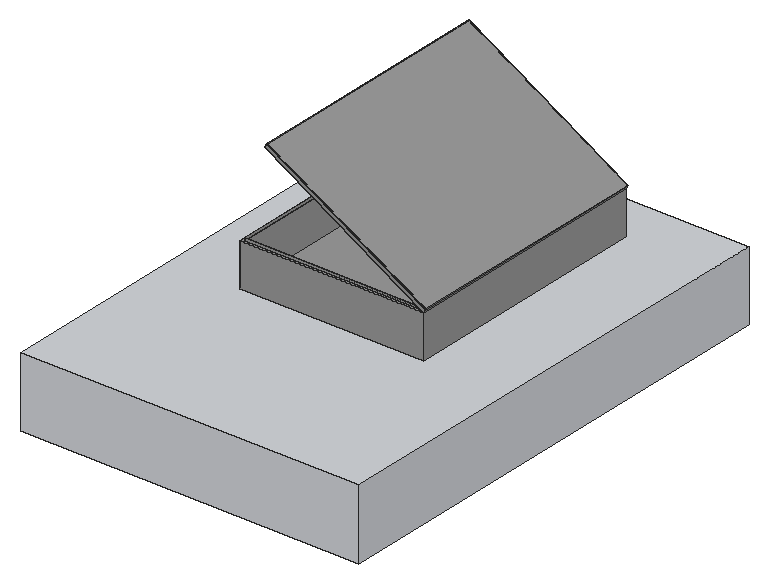
Revit family "Hager-Univers-IP54-D205-H1100-Cl.II-Encl-DE-de", category Equipement électrique, Revit 2020
Family settings
  Hôte = Face
  Configuration du panneau = Deux colonnes, circuits au sein
  Cote de connecteur circulaire = Utiliser le diamètre
  Type d'élément = Tableau de raccordement
  Couper avec des vides une fois chargée = Non
  Partagée = Non
  Point de calcul de pièce = Non
Parameters (values of type "Aufputz IP54 B800 H1100 T205  - FP73SW2")
  Width Control [instance] = if([EF000008 - Breite] > Min Width, [EF000008 - Breite], Min Width)  # 800 mm
  Commentaires du type = [HG000003 - Bereich]  # "Univers"
  Thickness Door [instance] = if([EF009171 - Materialstärke Tür/Deckel] > 3 mm, 3 mm, [EF009171 - Materialstärke Tür/Deckel])  # 1 mm
  Seal Frame Offset [instance] = 17 mm  # constant formula
  Plinth Visibility [instance] = [HG000027 - Sockelhöhe] > 0 mm  # no
  Model = ""
  Min Width [instance] = 100 mm  # constant formula
  Min Height [instance] = 100 mm  # constant formula
  Min Depth [instance] = (2 * [EF009170 - Materialstärke Gehäuse]) + 1 mm  # 3 mm
  Internal Frame Depth [instance] = (Door System Depth * 0.5)  # 9 mm
  Height Control [instance] = if([EF000040 - Höhe] > Min Height, [EF000040 - Höhe], Min Height)  # 1100 mm
  HG000027 - Sockelhöhe = 0 mm
  HG000026 - Stehend auf dem Boden = no
  HG000024 - Höhe des unteren Teils = 800 mm
  HG000023 - Gehäuse mit doppeltem Querschnitt = no
  HG000016 - 3D-Türsichtbarkeit [instance] = yes
  HG000015 - Sichtbarkeit der Türöffnung [instance] = no
  HG000014 - Tür rechts [instance] = yes
  HG000013 - Tür links [instance] = not([HG000014 - Tür rechts])  # no
  HG000012 - Türschwenkwinkel [instance] = 30.00°
  HG000010 - Asymmetrische Türen = no
  HG000009 - Doppelflügeligen Tür = no
  HG000006 - Unterputz = no
  HG000004 - Herstellerreferenz = "FP73SW2"
  HG000003 - Bereich = "Univers"
  HG000002 - Mit tür = yes
  Frame Offset Bottom [instance] = 10 mm  # constant formula
  Frame Offset [instance] = 15 mm  # constant formula
  EF015940 - Deckel mit Überdruckentlastung = no
  EF011959 - Schutzart (NEMA) = ""
  EF009554 - Anzahl der Öffnungen für Flanschplatten = 6
  Fabricant = "Hager"  # constant formula
  EF009212 - Ausführung Deckel = "EV000116 - geschlossen"
  EF009171 - Materialstärke Tür/Deckel = 1 mm
  EF009170 - Materialstärke Gehäuse = 1 mm
  EF008873 - Nennstrom (In) = 250 A
  EF007800 - Geeignet für Blitzschutz = no
  EF006306 - Mit Schloss = no
  EF006244 - Transparenter Deckel/Tür = no
  EF005474 - Schutzart (IP) = "EV006419 - IP54"
  EF004464 - Art der Tür = "EV002646 - Einzel"
  EF004427 - Anzahl der Module = 252
  EF004293 - Schlagfestigkeit = "EV006815 - IK09"
  EF003532 - Geeignet für Außengebrauch = no
  EF002950 - Breite in Teilungseinheiten = 36
  EF001613 - Funktionserhalt = "EV000494 - ohne"
  EF001596 - Werkstoff des Gehäuses = "EV000179 - Stahl"
  EF001131 - Innentiefe = 130 mm
  EF001088 - Anbaumöglichkeit = yes
  EF000437 - Anzahl der Leitungseinführungen = 6
  EF000339 - Art der Abdeckung = "EV004216 - Tür"
  EF000266 - Anzahl der Reihen = 7
  EF000218 - Einbautiefe = 205 mm
  EF000118 - Mit Montageplatte = no
  EF000116 - RAL-Nummer = "9010"
  EF000049 - Tiefe = 205 mm
  EF000040 - Höhe = 1100 mm
  EF000008 - Breite = 800 mm
  EF000007 - Farbe = "EV000202 - weiß"
  EF000003 - Montageart = "EV000384 - Aufputz"
  Door System Leaf Tolerance [instance] = 1.5 mm  # constant formula
  Door System Depth [instance] = 18 mm  # constant formula
  Door Height [instance] = Height Control - [HG000027 - Sockelhöhe]  # 1100 mm
  Depth Control [instance] = if([EF000049 - Tiefe] > Min Depth, [EF000049 - Tiefe], Min Depth)  # 205 mm
  Default Elevation = 0 mm
  Connector Offset [instance] = Height Control / 2  # 550 mm
  Bottom Top Plate Trim [instance] = 1.5 mm  # constant formula
  Plinth height Ctrl [instance] = if([HG000027 - Sockelhöhe] > 0 mm, [HG000027 - Sockelhöhe], 12 mm)  # 12 mm
Types (5, lengths in mm): name | Width Control | HG000010 - Asymmetrische Türen | HG000009 - Doppelflügeligen Tür | HG000004 - Herstellerreferenz | EF009554 - Anzahl der Öffnungen für Flanschplatten | EF004464 - Art der Tür | EF004427 - Anzahl der Module | EF002950 - Breite in Teilungseinheiten | EF000437 - Anzahl der Leitungseinführungen | EF000008 - Breite
  Aufputz IP54 B1050 H1100 T205  - FP74SW2 | 1050 | no | yes | "FP74SW2" | 8 | "EV003602 - Doppel" | 336 | 48 | 8 | 1050
  Aufputz IP54 B1300 H1100 T205  - FP75SW2 | 1300 | yes | yes | "FP75SW2" | 10 | "EV003602 - Doppel" | 420 | 60 | 10 | 1300
  Aufputz IP54 B300 H1100 T205  - FP71SW2 | 300 | no | no | "FP71SW2" | 2 | "EV002646 - Einzel" | 84 | 12 | 2 | 300
  Aufputz IP54 B550 H1100 T205  - FP72SW2 | 550 | no | no | "FP72SW2" | 4 | "EV002646 - Einzel" | 168 | 24 | 4 | 550
  Aufputz IP54 B800 H1100 T205  - FP73SW2 | 800 | no | no | "FP73SW2" | 6 | "EV002646 - Einzel" | 252 | 36 | 6 | 800
Reference planes
  plane 1 "Center (Front/Back)": y = 0
  plane 2: z = 0
  plane 3 "Center (Left/Right)": x = 0
  plane 4: z = 205
  plane 5: y = 1
  plane 6: y = 550
  plane 7: y = 0
  plane 8: y = 1100
  plane 9: z = 0
  plane 10: x = -385
  plane 11: x = 385
  plane 12: x = 384
  plane 13: x = -384
  plane 14: y = 1099
  plane 15: x = -383
  plane 16: x = -400
  plane 17: x = 383
  plane 18: x = 400
  plane 19: x = 399
  plane 20: x = -399
  plane 21: y = 11
  plane 22: y = 1100
  plane 23: y = 1084
  plane 24: z = 187
  plane 25: z = 1
  plane 26: z = 186
  plane 27: z = 204
Forms (mm)
  Extrusion 1, solid
    sketch origin (0, 0, 0) x (1, 0, 0) y (0, 1, 0)
      loop
        line (-702.964, 1305) -> (-702.964, -811.445) -> (766.763, -811.445) -> (766.763, 1305) -> (-702.964, 1305)
    from 0 to -304.8
  Extrusion 2, solid, material "Hager_Steel_RAL7035_Light_Grey", visible <- "Plinth Visibility", detail levels medium+fine
    sketch origin (0, 0, 0) x (1, 0, 0) y (0, 1, 0)
      loop
        line (-400, 0) -> (400, 0) -> (400, 12) -> (-400, 12) -> (-400, 0)
    from 0 to 187
  Extrusion 3, solid, material "Hager_Steel_RAL7035_Light_Grey", detail levels medium+fine
    sketch origin (0, 0, 0) x (1, 0, 0) y (0, 1, 0)
      loop
        line (-400, 0) -> (400, 0) -> (400, 1100) -> (-400, 1100) -> (-400, 0)
    from 0 to 187
  Extrusion 4, void
    sketch origin (0, 0, 0) x (1, 0, 0) y (0, 1, 0)
      loop
        line (-399, 1) -> (399, 1) -> (399, 1099) -> (-399, 1099) -> (-399, 1)
    from 1 to 186
  Extrusion 5, void
    sketch origin (-381.607, -4572, 187) x (0, -1, 0) y (-1, 0, 0)
      loop
        line (-4583, 2.393) -> (-5656, 2.393) -> (-5656, -765.607) -> (-4583, -765.607) -> (-4583, 2.393)
    from 0 to 1 <- "EF009170 - Materialstärke Gehäuse"
  Extrusion 6, solid, material "Hager_Steel_RAL7035_Light_Grey", detail levels fine
    sketch origin (0, 0, 187) x (1, 0, 0) y (0, 1, 0)
      loop
        line (-384, 1084) -> (-384, 11) -> (384, 11) -> (384, 1084) -> (-384, 1084)
      loop
        line (-385, 10) -> (385, 10) -> (385, 1085) -> (-385, 1085) -> (-385, 10)
    from 0 to 9 <- "Internal Frame Depth"
  Extrusion 7, solid, material "Hager_Steel_RAL7035_Light_Grey", detail levels coarse
    sketch origin (0, 0, 0) x (1, 0, 0) y (0, 1, 0)
      loop
        line (-400, 0) -> (400, 0) -> (400, 1100) -> (-400, 1100) -> (-400, 0)
    from 0 to 205
  Sweep 8, void
    path in 3D
      loop
        line (-400, 12, 0) -> (400, 12, 0) -> (400, 12, 187) -> (-400, 12, 187) -> (-400, 12, 0)
    profile origin (-400, 12, 93.5) x (-1, 0, 0) y (0, -1, 0)
      loop
        line (0, 0) -> (0, 1.5) -> (-1.5, 1.5)
        arc (-1.5, 1.5) -> (-1.061, 0.439) -> (0, 0) r 1.5
Cuts and joins
  Extrusion 4, Extrusion 5 cuts Extrusion 3
  Sweep 8 cuts Extrusion 2
Lines and regions (mm)
  Masking region 1
    outline origin (0, 0, 0) x (1, 0, 0) y (0, 0, 1)
      loop
        line (-400, 205) -> (-400, 0) -> (400, 0) -> (400, 205) -> (-400, 205)
  Masking region 2, detail levels medium+fine
    outline origin (0, 140, 0) x (0, 1, 0) y (0, 0, 1)
      loop
        line (-140, 0) -> (960, 0) -> (960, 187) -> (-140, 187) -> (-140, 0)
  Masking region 3, not visible, detail levels medium+fine
    outline origin (0, 297.922, 0) x (0, 1, 0) y (0, 0, 1)
      loop
        line (263.578, 0) -> (303.578, 0) -> (303.578, 194)
        arc (303.578, 194) -> (300.649, 201.071) -> (293.578, 204) r 10
        line (293.578, 204) -> (263.578, 204) -> (263.578, 0)
  Masking region 4, detail levels coarse
    outline origin (0, 0, 180) x (0, 1, 0) y (0, 0, 1)
      loop
        line (0, -180) -> (1100, -180) -> (1100, 25) -> (0, 25) -> (0, -180)
  Masking region 5, visible <- "Plinth Visibility", detail levels medium+fine
    outline origin (0, 52.24, 12.345) x (0, 0, -1) y (0, 1, 0)
      loop
        line (10.845, -40.24) -> (-173.155, -40.24)
        arc (-173.155, -40.24) -> (-173.594, -41.301) -> (-174.655, -41.74) r 1.5
        line (-174.655, -41.74) -> (-174.655, -52.24) -> (12.345, -52.24) -> (12.345, -41.74)
        arc (12.345, -41.74) -> (11.285, -41.301) -> (10.845, -40.24) r 1.5
  Masking region 6, detail levels medium+fine
    outline origin (-381.607, -4572, 187) x (-1, 0, 0) y (0, -1, 0)
      loop
        line (18.393, -5672) -> (18.393, -4572) -> (-781.607, -4572) -> (-781.607, -5672) -> (18.393, -5672)
  Masking region 7, visible <- "Plinth Visibility", detail levels medium+fine
    outline origin (-381.607, -4727, 187) x (-1, 0, 0) y (0, -1, 0)
      loop
        arc (16.893, -4739) -> (17.332, -4737.939) -> (18.393, -4737.5) r 1.5
        line (18.393, -4737.5) -> (18.393, -4727) -> (-781.607, -4727) -> (-781.607, -4737.5)
        arc (-781.607, -4737.5) -> (-780.546, -4737.939) -> (-780.107, -4739) r 1.5
        line (-780.107, -4739) -> (16.893, -4739)
  Masking region 8, detail levels coarse
    outline origin (-442.548, -4669.526, 187) x (-1, 0, 0) y (0, -1, 0)
      loop
        line (-42.548, -5769.526) -> (-42.548, -4669.526) -> (-842.548, -4669.526) -> (-842.548, -5769.526) -> (-42.548, -5769.526)
  sketch lines
    curve 1: line (-400, 12, 187) -> (-400, 12, 0)
    curve 2: line (400, 12, 187) -> (-400, 12, 187)
    curve 3: line (400, 12, 187) -> (400, 12, 0)
    curve 4: line (-400, 12, 0) -> (400, 12, 0)
Dimensions and locks
  "Depth Control": plane 4 to Extrusion 1
  "HG000027 - Sockelhöhe": plane 1 "Center (Front/Back)" to plane 7
  "EF009170 - Materialstärke Gehäuse": plane 5 to plane 7
  locked: connector elem to plane 3 "Center (Left/Right)"
  equal spacing: plane 8, plane 6, plane 7
  locked: connector elem to plane 6
  "EF009170 - Materialstärke Gehäuse": plane 8 to plane 14
  "EF009170 - Materialstärke Gehäuse": plane 10 to plane 13
  "EF009170 - Materialstärke Gehäuse": plane 12 to plane 11
  "Frame Offset": plane 20 to plane 13
  "Frame Offset": plane 12 to plane 19
  "EF009170 - Materialstärke Gehäuse": plane 16 to plane 20
  "EF009170 - Materialstärke Gehäuse": plane 19 to plane 18
  "Seal Frame Offset": plane 16 to plane 15
  "Seal Frame Offset": plane 17 to plane 18
  "Frame Offset Bottom": plane 21 to plane 5
  "Frame Offset": plane 14 to plane 23
  equal spacing: plane 16, plane 3 "Center (Left/Right)", plane 18
  "Width Control": plane 16 to plane 18
  "EF009170 - Materialstärke Gehäuse": plane 4 to plane 27
  "EF009170 - Materialstärke Gehäuse": plane 24 to plane 26
  "EF009170 - Materialstärke Gehäuse": plane 25 to level
  "Door System Depth": plane 4 to plane 24
  "Height Control": plane 1 "Center (Front/Back)" to Extrusion 7 sketch curve
  "Height Control": Masking region 4 sketch curve to plane 1 "Center (Front/Back)"
  "Height Control": plane 1 "Center (Front/Back)" to plane 22
  "Bottom Top Plate Trim": profile plane to Sweep 8 sketch curve
  "Bottom Top Plate Trim": Sweep 8 sketch curve to profile plane
  "Plinth height Ctrl": plane 1 "Center (Front/Back)" to Extrusion 2 sketch curve
  "Plinth height Ctrl": Masking region 5 sketch curve to plane 1 "Center (Front/Back)"
  "Plinth height Ctrl": plane 1 "Center (Front/Back)" to Masking region 7 sketch curve
  "Thickness Door": Extrusion 6 sketch curve to Extrusion 6 sketch curve  (x3)
  "Thickness Door": cut or joined group of Extrusion 3, Extrusion 4, Extrusion 5 to Extrusion 6 sketch curve
  radius of Masking region 3 sketch curve = 10 mm
  "Bottom Top Plate Trim": radius of Masking region 5 sketch curve  (x2)
  "Bottom Top Plate Trim": radius of Sweep 8 sketch curve
  "Bottom Top Plate Trim": radius of Masking region 7 sketch curve  (x2)
  aligned and locked: plane 2 to Extrusion 1
  aligned and locked: level to Extrusion 1
  aligned and locked: level to Masking region 1 sketch curve
  aligned and locked: Masking region 1 sketch curve to plane 18
  aligned and locked: Masking region 1 sketch curve to plane 16
  aligned and locked: plane 7 to Masking region 2 sketch curve
  aligned and locked: level to Masking region 3 sketch curve
  aligned and locked: Masking region 3 sketch curve to plane 27
  aligned and locked: level to Masking region 2 sketch curve
  aligned and locked: plane 1 "Center (Front/Back)" to Extrusion 2 sketch curve
  aligned and locked: Extrusion 3 sketch curve to plane 7
  aligned and locked: plane 16 to Extrusion 3 sketch curve
  aligned and locked: plane 18 to Extrusion 3 sketch curve
  aligned and locked: plane 20 to Extrusion 4 sketch curve
  aligned and locked: plane 19 to Extrusion 4 sketch curve
  aligned and locked: Extrusion 4 sketch curve to plane 5
  aligned and locked: Extrusion 4 to plane 25
  aligned and locked: plane 26 to Extrusion 4
  aligned and locked: plane 24 to Extrusion 3
  aligned and locked: Extrusion 5 sketch curve to plane 21
  aligned and locked: Extrusion 5 sketch curve to plane 13
  aligned and locked: Extrusion 5 sketch curve to plane 12
  aligned and locked: plane 18 to Extrusion 7 sketch curve
  aligned and locked: plane 1 "Center (Front/Back)" to Extrusion 7 sketch curve
  aligned and locked: plane 16 to Extrusion 7 sketch curve
  aligned and locked: plane 4 to Extrusion 7
  aligned and locked: Extrusion 7 to level
  aligned and locked: level to Masking region 4 sketch curve
  aligned and locked: Masking region 4 sketch curve to plane 1 "Center (Front/Back)"
  aligned and locked: Masking region 4 sketch curve to plane 4
  aligned and locked: nested 1 to level
  aligned and locked: nested 1 to plane 16
  aligned and locked: plane 8 to Extrusion 3 sketch curve
  aligned and locked: plane 23 to Extrusion 5 sketch curve
  aligned and locked: plane 14 to Extrusion 4 sketch curve
  aligned and locked: Masking region 2 sketch curve to plane 8
  aligned and locked: level to Masking region 5 sketch curve
  aligned and locked: plane 16 to Extrusion 2 sketch curve
  aligned and locked: plane 18 to Extrusion 2 sketch curve
  aligned and locked: Masking region 5 sketch curve to plane 24
  aligned and locked: Masking region 2 sketch curve to plane 24
  aligned and locked: plane 24 to Extrusion 2
  aligned and locked: profile plane to Sweep 8 sketch curve  (x2)
  aligned and locked: Masking region 6 sketch curve to plane 18
  aligned and locked: Masking region 6 sketch curve to plane 22
  aligned and locked: Masking region 6 sketch curve to plane 16
  aligned and locked: plane 8 to plane 22
  aligned and locked: Masking region 6 sketch curve to plane 7
  aligned and locked: Masking region 7 sketch curve to plane 16
  aligned and locked: Masking region 7 sketch curve to plane 1 "Center (Front/Back)"
  aligned and locked: Masking region 7 sketch curve to plane 18
  aligned and locked: Masking region 8 sketch curve to plane 1 "Center (Front/Back)"
  aligned and locked: Masking region 8 sketch curve to plane 18
  aligned and locked: Masking region 8 sketch curve to plane 22
  aligned and locked: Masking region 8 sketch curve to plane 16
  aligned and locked: nested 2 to plane 7
  aligned and locked: plane 3 "Center (Left/Right)" to nested 2
  aligned and locked: nested 2 to plane 24
  aligned and locked: Extrusion 6 sketch curve to cut or joined group of Extrusion 3, Extrusion 4, Extrusion 5  (x4)
Automatic sketch dimensions
  Extrusion 1 sketch curve to Extrusion 1 sketch curve = 1469.727 mm
  Extrusion 1 sketch curve to Extrusion 1 sketch curve = 2116.445 mm
  Masking region 1 sketch curve to plane 4 = 0 mm
  plane 6 to Masking region 3 sketch curve = 11.5 mm
  Masking region 3 sketch curve to Masking region 3 sketch curve = 30 mm
  Masking region 5 sketch curve to plane 1 "Center (Front/Back)" = 0 mm
Nested families
  nested 1: "Hager_Enclosure_Symbol" at (-400, 0, 0) x (1, 0, 0) z (0, -1, 0), Height <- "Depth Control", Width <- "Width Control", type "Hager_Enclosure_Symbol"
    with Width_Ctrl 800 mm, Width 800 mm, Height_Ctrl 205 mm, Height 205 mm, A_Width_Int 13.453 mm, A_Width 161.438 mm, A_Height_Ctrl 179.375 mm, A_Height 179.375 mm
  nested 2: "EC000058_Univers_Door" at (0, 0, 187) x (1, 0, 0) z (0, 1, 0), Leaf_Tolerance <- "Door System Leaf Tolerance", Angle <- "HG000012 - Türschwenkwinkel", Door_Depth <- "Door System Depth", Door_Left <- "HG000013 - Tür links", Transparent <- "EF006244 - Transparenter Deckel/Tür", Assymetrical <- "HG000010 - Asymmetrische Türen", Width <- "Width Control", Clearance <- "HG000015 - Sichtbarkeit der Türöffnung", Double <- "HG000009 - Doppelflügeligen Tür", 3d_Door <- "HG000016 - 3D-Türsichtbarkeit", Lock_Visibility <- "EF006306 - Mit Schloss", Width_Ctrl <- "Width Control", Door_Right <- "HG000014 - Tür rechts", Door <- "HG000002 - Mit tür", Height <- "Door Height", Thickness <- "Thickness Door", type "EC000058_Univers_Door", detail levels medium+fine
    with min_wh 3 mm, Width_Ctrl 800 mm, Width 800 mm, Transparent no, Thickness 1 mm, Seal_Material Hager_Rubber, Lock_Visibility no, Lock_Material Hager_Plastic_RAL9005_Jet_Black, Leaf_Width 800 mm, Leaf_Tolerance_External_Sides 0 mm, Leaf_Tolerance 1.5 mm, Leaf_Offset 0 mm, Leaf_Height 1097 mm, Leaf_2_Width 800 mm, Leaf_2_Offset 400 mm, Leaf_1_Width 800 mm, Leaf_1_Offset 400 mm, Height_Ctrl 1100 mm, Height 1100 mm, Glass_Material Hager_Glass, Double_Clearance_Ctrl no, Double no, Door_Right_Ctrl yes, Door_Right yes, Door_Material Hager_Steel_RAL7035_Light_Grey, Door_Left_Ctrl no, Door_Left no, Door_Depth 18 mm, Door yes, Clearance_Material Hager_Clearance, Clearance_Depth 800 mm, Clearance_Ctrl no, Clearance no, Assymetrical no, Angle 30.00°, 3d_Door yes
Connectors
  electrical at (0, 550, 0)
    settings: on plane 9, index 1, voltage 0 V, apparent load 0 VA, apparent load phase1 0 VA, apparent load phase2 0 VA, apparent load phase3 0 VA, power factor 1, load classification "Other", number of poles 1, system type 30, power factor state 1, is connector primary yes, connector utility no, sub classification motor no, connector description ""
Definition of nested family "EC000058_Univers_Door"
  Parameters (values of type "EC000058_Univers_Door")
    min_wh [instance] = (2 * Thickness) + 1 mm  # 11 mm
    Width_Ctrl [instance] = 400 mm
    Width [instance] = 500 mm
    Transparent [instance] = yes
    Thickness [instance] = 5 mm
    Seal_Material [instance] = none
    Lock_Visibility [instance] = yes
    Lock_Material [instance] = none
    Leaf_Width [instance] = if((Width_Ctrl - 2 * Leaf_Tolerance_External_Sides) > 0 mm, (Width_Ctrl - 2 * Leaf_Tolerance_External_Sides), min_wh)  # 400 mm
    Leaf_Tolerance_External_Sides [instance] = 0 mm  # constant formula
    Leaf_Tolerance [instance] = 1.5 mm
    Leaf_Offset [instance] = 0 mm  # constant formula
    Leaf_Height [instance] = if((Height_Ctrl - 2 * Leaf_Tolerance) > 0 mm, (Height_Ctrl - 2 * Leaf_Tolerance), min_wh)  # 497 mm
    Leaf_2_Width [instance] = if(and(and(Double, Assymetrical), Door_Left), (Leaf_Width / 3) - (Leaf_Tolerance / 2), if(and(and(Double, Assymetrical), Door_Right), (Leaf_Width / 3) * 2 - (Leaf_Tolerance / 2), if(and(Double, not(Assymetrical)), (Leaf_Width / 2) - Leaf_Tolerance, Leaf_Width)))  # 400 mm
    Leaf_2_Offset [instance] = if(and(Double, Assymetrical), Leaf_2_Width / 2, if(and(Double, not(Assymetrical)), Leaf_Width / 4, Leaf_Width / 2))  # 200 mm
    Leaf_1_Width [instance] = if(and(and(Double, Assymetrical), Door_Right), (Leaf_Width / 3) - (Leaf_Tolerance / 2), if(and(and(Double, Assymetrical), Door_Left), (Width / 3) * 2 - (Leaf_Tolerance / 2), if(and(Double, not(Assymetrical)), (Leaf_Width / 2) - Leaf_Tolerance, Leaf_Width)))  # 400 mm
    Leaf_1_Offset [instance] = if(and(Double, Assymetrical), Leaf_1_Width / 2, if(and(Double, not(Assymetrical)), Leaf_Width / 4, Leaf_Width / 2))  # 200 mm
    Height_Ctrl [instance] = if(Height > min_wh, Height, min_wh)  # 500 mm
    Height [instance] = 500 mm
    Glass_Material [instance] = none
    Double_Clearance_Ctrl [instance] = and(Double, Clearance)  # no
    Double [instance] = no
    Door_Right_Ctrl [instance] = and(or(Door_Right, Double), Door)  # yes
    Door_Right [instance] = yes
    Door_Material [instance] = none
    Door_Left_Ctrl [instance] = and(or(Door_Left, Double), Door)  # no
    Door_Left [instance] = no
    Door_Depth [instance] = 30 mm
    Door [instance] = yes
    Default Elevation = 1219.2 mm
    Clearance_Material [instance] = none
    Clearance_Depth [instance] = if(Leaf_1_Width > Leaf_2_Width, Leaf_1_Width, Leaf_2_Width)  # 400 mm
    Clearance_Ctrl [instance] = and(not(Double), Clearance)  # yes
    Clearance [instance] = yes
    Assymetrical [instance] = yes
    Angle [instance] = 30.00°
    3d_Door [instance] = yes
  Reference planes
    plane 1 "Center (Front/Back)": y = 0
    plane 2 "Bottom": z = 0
    plane 3 "Center (Left/Right)": x = 0
    plane 4: z = 500
    plane 5: x = -200
    plane 6: x = 200
    plane 7: z = 500
    plane 8: x = -200
    plane 9: z = 0
    plane 10: x = 200
    plane 11: y = 0
    plane 12: z = 1.5
    plane 13: x = -600
    plane 14: y = -400
    plane 15: x = 600
    plane 16: x = 0
    plane 17: x = 0
    plane 18: x = -200
    plane 19: x = 200
    plane 20: z = 498.5
  Forms (mm)
    Extrusion 1, solid, material <- "Clearance_Material", visible <- "Double_Clearance_Ctrl"
      sketch origin (1200, 0, 0) x (1, 0, 0) y (0, 0, -1)
        loop
          line (-1800, -498.5) -> (-600, -498.5) -> (-600, 0) -> (-1800, 0) -> (-1800, -498.5)
      from 0 to -400
  Dimensions and locks
    equal spacing: plane 5, plane 3 "Center (Left/Right)", plane 6
    "Width_Ctrl": plane 5 to plane 6
    "Leaf_Offset": plane 5 to plane 8
    "Leaf_Offset": plane 6 to plane 10
    "Leaf_Offset": plane 9 to level
    "Leaf_Offset": plane 4 to plane 7
    "Height_Ctrl": plane 4 to level
    "Leaf_Tolerance": plane 12 to plane 9
    locked: plane 11 to plane 1 "Center (Front/Back)"
    "Leaf_1_Offset": plane 18 to plane 16
    "Leaf_2_Offset": plane 17 to plane 19
    "Leaf_1_Width": plane 13 to plane 8
    "Leaf_2_Width": plane 10 to plane 15
    "Clearance_Depth": plane 14 to plane 1 "Center (Front/Back)"
    "Leaf_Tolerance_External_Sides": plane 8 to plane 18
    "Leaf_Tolerance_External_Sides": plane 19 to plane 10
    "Leaf_Tolerance": plane 7 to plane 20
    aligned and locked: level to plane 2 "Bottom"
    aligned and locked: nested 1 to plane 16
    aligned and locked: nested 2 to plane 17
    aligned and locked: Extrusion 1 to plane 13
    aligned and locked: plane 15 to Extrusion 1
    aligned and locked: Extrusion 1 to plane 14
    aligned and locked: plane 12 to nested 1
    aligned and locked: nested 2 to plane 12
    aligned and locked: Extrusion 1 to plane 11
    aligned and locked: plane 20 to Extrusion 1
    aligned and locked: nested 2 to plane 11
    aligned and locked: nested 1 to plane 11
  Automatic sketch dimensions
    Extrusion 1 sketch curve to level = 0 mm
    plane 5 to Extrusion 1 sketch curve = 400 mm
    plane 6 to Extrusion 1 sketch curve = 400 mm
    Extrusion 1 sketch curve to plane 4 = 1.5 mm
  Nested families
    nested 1: "EC000058_Univers_Door_Leaf" at (0, 0, 1.5), Width <- "Leaf_1_Width", visible <- "Door_Left_Ctrl", Leaf_Height <- "Leaf_Height", Angle <- "Angle", 3d_Door <- "3d_Door", Transparent <- "Transparent", Clearance Material <- "Clearance_Material", Clearance <- "Clearance_Ctrl", Door_Material <- "Door_Material", Glass_Material <- "Glass_Material", Door_Depth <- "Door_Depth", Lock_Material <- "Lock_Material", Seal_Material <- "Seal_Material", Lock_Visibility <- "Lock_Visibility", Thickness <- "Thickness", type "EC000058_Univers_Door_Leaf"
      with Width 400 mm, Transparent_Glass_Offset 30 mm, Transparent_Ctrl yes, Transparent yes, Thickness 5 mm, Standard no, Seal_Material none, Seal_D2 8 mm, Seal_D1 1 mm, Offset_Internal_Frame 10 mm, Lock_Width 20 mm, Lock_Visibility_3d yes, Lock_Visibility yes, Lock_Thickness_3 3 mm, Lock_Thickness_2 1 mm, Lock_Thickness_1 3 mm, Lock_Radius_Offset_2 16 mm, Lock_Radius_Offset_1 15 mm, Lock_Radius_2 5 mm, Lock_Radius 6 mm, Lock_Offset 5 mm, Lock_Material none, Lock_Height 80 mm, Lock_Cover_Top_Offset_2d 17 mm, Lock_Cover_Height -65 mm, Leaf_Height 497 mm, Internal_Seal_Thickness 8 mm, Internal_Seal_Depth_2 4.5 mm, Internal_Frame_Depth 25 mm, Glass_Thickness -1 mm, Glass_Offset -2 mm, Glass_Material none, Door_Material none, Door_Depth 30 mm, Clearance Material none, Clearance yes, Angle_Ctrl 30.00°, Angle 30.00°, 3d_Door yes
    nested 2: "EC000058_Univers_Door_Leaf" at (0, 0, 1.5) x (-1, 0, 0) z (0, 0, 1), Width <- "Leaf_2_Width", visible <- "Door_Right_Ctrl", Leaf_Height <- "Leaf_Height", Angle <- "Angle", 3d_Door <- "3d_Door", Transparent <- "Transparent", Clearance Material <- "Clearance_Material", Clearance <- "Clearance_Ctrl", Door_Material <- "Door_Material", Glass_Material <- "Glass_Material", Door_Depth <- "Door_Depth", Lock_Material <- "Lock_Material", Seal_Material <- "Seal_Material", Lock_Visibility <- "Lock_Visibility", Thickness <- "Thickness", type "EC000058_Univers_Door_Leaf"
      with Width 400 mm, Transparent_Glass_Offset 30 mm, Transparent_Ctrl yes, Transparent yes, Thickness 5 mm, Standard no, Seal_Material none, Seal_D2 8 mm, Seal_D1 1 mm, Offset_Internal_Frame 10 mm, Lock_Width 20 mm, Lock_Visibility_3d yes, Lock_Visibility yes, Lock_Thickness_3 3 mm, Lock_Thickness_2 1 mm, Lock_Thickness_1 3 mm, Lock_Radius_Offset_2 16 mm, Lock_Radius_Offset_1 15 mm, Lock_Radius_2 5 mm, Lock_Radius 6 mm, Lock_Offset 5 mm, Lock_Material none, Lock_Height 80 mm, Lock_Cover_Top_Offset_2d 17 mm, Lock_Cover_Height -65 mm, Leaf_Height 497 mm, Internal_Seal_Thickness 8 mm, Internal_Seal_Depth_2 4.5 mm, Internal_Frame_Depth 25 mm, Glass_Thickness -1 mm, Glass_Offset -2 mm, Glass_Material none, Door_Material none, Door_Depth 30 mm, Clearance Material none, Clearance yes, Angle_Ctrl 30.00°, Angle 30.00°, 3d_Door yes
  Definition of nested family "EC000058_Univers_Door_Leaf"
    Parameters (values of type "EC000058_Univers_Door_Leaf")
      Width [instance] = 2000 mm
      Transparent_Glass_Offset [instance] = 30 mm
      Transparent_Ctrl [instance] = and(Transparent, [3d_Door])  # yes
      Transparent [instance] = yes
      Thickness [instance] = 5 mm
      Standard [instance] = and(not(Transparent), [3d_Door])  # no
      Seal_Material [instance] = none
      Seal_D2 [instance] = 8 mm  # constant formula
      Seal_D1 [instance] = 1 mm  # constant formula
      Offset_Internal_Frame [instance] = 10 mm  # constant formula
      Lock_Width [instance] = 20 mm  # constant formula
      Lock_Visibility_3d [instance] = and(Lock_Visibility, [3d_Door])  # yes
      Lock_Visibility [instance] = yes
      Lock_Thickness_3 [instance] = 3 mm  # constant formula
      Lock_Thickness_2 [instance] = 1 mm  # constant formula
      Lock_Thickness_1 [instance] = 3 mm  # constant formula
      Lock_Radius_Offset_2 [instance] = Lock_Radius_Offset_1 + 1 mm  # 16 mm
      Lock_Radius_Offset_1 [instance] = 15 mm  # constant formula
      Lock_Radius_2 [instance] = Lock_Radius - 1 mm  # 5 mm
      Lock_Radius [instance] = 6 mm  # constant formula
      Lock_Offset [instance] = 5 mm  # constant formula
      Lock_Material [instance] = none
      Lock_Height [instance] = 80 mm  # constant formula
      Lock_Cover_Top_Offset_2d [instance] = Lock_Radius_Offset_2 + 1 mm  # 17 mm
      Lock_Cover_Height [instance] = -(Lock_Height - Lock_Radius_Offset_1)  # -65 mm
      Leaf_Height [instance] = 2720.336 mm
      Internal_Seal_Thickness [instance] = 8 mm  # constant formula
      Internal_Seal_Depth_2 [instance] = 4.5 mm  # constant formula
      Internal_Frame_Depth [instance] = if(Door_Depth - Thickness > 5 mm, Door_Depth - Thickness, 5 mm)  # 25 mm
      Glass_Thickness [instance] = if(Thickness > 15 mm, Glass_Offset + 10 mm, -1 mm)  # -1 mm
      Glass_Offset [instance] = if(Thickness > 15 mm, -(Thickness + 10 mm) / 2, -2 mm)  # -2 mm
      Glass_Material [instance] = none
      Door_Material [instance] = none
      Door_Depth [instance] = 30 mm
      Default Elevation = 0 mm
      Clearance Material [instance] = none
      Clearance [instance] = yes
      Angle_Ctrl [instance] = if(Angle > 180.00°, 180.00°, Angle)  # 90.00°
      Angle [instance] = 90.00°
      3d_Door [instance] = yes
    Reference planes
      plane 1 "Center (Front/Back)": y = 0
      plane 2: z = 0
      plane 3 "Center (Left/Right)": x = 0
      plane 4: y = 2000
      plane 5: x = -1000
      plane 6: x = 1000
      plane 7: x = -3000
      plane 8: z = 2720.336
      plane 9: z = 30
      plane 10: z = 2690.336
      plane 11: x = 970
      plane 12: x = -970
      plane 13: y = -3
      plane 14: z = 107.833
      plane 15: y = -5
      plane 16: y = -223.314
      plane 17: x = -1000
      plane 18: z = 1360.168
      plane 19: y = 30
    Forms (mm)
      Extrusion 1, solid, material <- "Clearance Material", visible <- "Clearance"
        sketch origin (0, 0, 0) x (1, 0, 0) y (0, 0, 1)
          loop
            line (-3000, 2720.336) -> (-3000, 0) -> (1000, 0) -> (1000, 2720.336) -> (-3000, 2720.336)
        from 0 to -2000
      Extrusion 2, solid, material <- "Door_Material", visible <- "Standard", detail levels medium+fine
        sketch origin (-1000, 0, 0) x (0, 1, 0) y (-1, 0, 0)
          loop
            line (0, 30) -> (0, 25) -> (2000, 25) -> (2000, 30) -> (0, 30)
        from 0 to 2720.336 <- "Leaf_Height"
      Extrusion 3, solid, material <- "Door_Material", visible <- "Transparent_Ctrl", detail levels medium+fine
        sketch origin (-1000, 0, 0) x (0, 1, 0) y (-1, 0, 0)
          loop
            line (0, 25) -> (2000, 25) -> (2000, 30) -> (0, 30) -> (0, 25)
        from 0 to 2720.336 <- "Leaf_Height"
      Extrusion 4, void
        sketch origin (-1025, 2000, 0) x (0, 1, 0) y (0, 0, -1)
          loop
            line (-30, -2690.336) -> (-30, -30) -> (-1970, -30) -> (-1970, -2690.336) -> (-30, -2690.336)
        from 0 to 5 <- "Thickness"
      Sweep 5, solid, material <- "Seal_Material", visible <- "Transparent_Ctrl", detail levels fine
        path in 3D
          loop
            line (-1025, 30, 30) -> (-1025, 30, 2690.336) -> (-1025, 1970, 2690.336) -> (-1025, 1970, 30) -> (-1025, 30, 30)
        profile origin (-1025, 1000, 30) x (1, 0, 0) y (0, 0, 1)
          loop
            line (0, 0) -> (0, -8) -> (1, -8) -> (1, 0) -> (0, 0)
      Extrusion 6, solid, material <- "Glass_Material", visible <- "Transparent_Ctrl", detail levels medium+fine
        sketch origin (-1030, 0, 0) x (0, 1, 0) y (0, 0, -1)
          loop
            line (1970, -2690.336) -> (1970, -30) -> (30, -30) -> (30, -2690.336) -> (1970, -2690.336)
        from -2 <- "Glass_Offset" to -1 <- "Glass_Thickness"
      Extrusion 7, solid, material <- "Door_Material", visible <- "3d_Door", detail levels medium+fine
        sketch origin (-1025, 2000, 0) x (0, -1, 0) y (0, 0, -1)
          loop
            line (0, -2720.336) -> (2000, -2720.336) -> (2000, 0) -> (0, 0) -> (0, -2720.336)
          loop
            line (1995, -5) -> (5, -5) -> (5, -2715.336) -> (1995, -2715.336) -> (1995, -5)
        from 0 to 25 <- "Internal_Frame_Depth"
      Sweep 8, solid, material <- "Seal_Material", visible <- "Transparent_Ctrl", detail levels fine
        path in 3D
          loop
            line (-1025, 0, 0) -> (-1025, 2000, 0) -> (-1025, 2000, 2720.336) -> (-1025, 0, 2720.336) -> (-1025, 0, 0)
        profile origin (-1025, 0, 1360.168) x (1, 0, 0) y (0, 1, 0)
          loop
            line (0, 10) -> (2.975, 10)
            arc (2.975, 10) -> (4.053, 10.447) -> (4.5, 11.525) r 1.525
            line (4.5, 11.525) -> (4.5, 16.527)
            arc (4.5, 16.527) -> (4.069, 17.569) -> (3.027, 18) r 1.473
            line (3.027, 18) -> (0, 18) -> (0, 10)
      Extrusion 9, solid, material <- "Lock_Material", visible <- "Lock_Visibility_3d", detail levels fine
        sketch origin (-1030, 0, 0) x (0, 1, 0) y (0, 0, -1)
          loop
            arc (1993.5, -1400.168) -> (1994.561, -1399.729) -> (1995, -1398.668) r 1.5
            line (1995, -1398.668) -> (1995, -1320.168) -> (1975, -1320.168) -> (1975, -1398.668)
            arc (1975, -1398.668) -> (1975.439, -1399.729) -> (1976.5, -1400.168) r 1.5
            line (1976.5, -1400.168) -> (1993.5, -1400.168)
        from 3 <- "Lock_Thickness_1" to 0
      Blend 10, solid, material <- "Lock_Material", visible <- "Lock_Visibility_3d", detail levels fine
        base sketch origin (-1033, 0, 0) x (0, 1, 0) y (0, 0, -1)
          loop
            line (1975, -1320.168) -> (1975, -1398.668)
            arc (1975, -1398.668) -> (1975.439, -1399.729) -> (1976.5, -1400.168) r 1.5
            line (1976.5, -1400.168) -> (1993.5, -1400.168)
            arc (1993.5, -1400.168) -> (1994.561, -1399.729) -> (1995, -1398.668) r 1.5
            line (1995, -1398.668) -> (1995, -1320.168) -> (1975, -1320.168)
        top sketch origin (-1033, 0, 0) x (0, 1, 0) y (0, 0, -1)
          loop
            line (1976, -1320.168) -> (1976, -1398.668)
            arc (1976, -1398.668) -> (1976.146, -1399.022) -> (1976.5, -1399.168) r 0.5
            line (1976.5, -1399.168) -> (1993.5, -1399.168)
            arc (1993.5, -1399.168) -> (1993.854, -1399.022) -> (1994, -1398.668) r 0.5
            line (1994, -1398.668) -> (1994, -1320.168) -> (1976, -1320.168)
        from 0 to 1 <- "Lock_Thickness_2"
      Blend 11, solid, material <- "Lock_Material", visible <- "Lock_Visibility_3d", detail levels fine
        base sketch origin (-1034, 0, 0) x (0, 1, 0) y (0, 0, -1)
          loop
            line (1978, -1320.168) -> (1978, -1384.168)
            arc (1978, -1384.168) -> (1985, -1391.168) -> (1992, -1384.168) r 7
            line (1992, -1384.168) -> (1992, -1320.168) -> (1978, -1320.168)
        top sketch origin (-1034, 0, 0) x (0, 1, 0) y (0, 0, -1)
          loop
            line (1991, -1320.168) -> (1979, -1320.168) -> (1979, -1383.168)
            arc (1979, -1383.168) -> (1985, -1389.168) -> (1991, -1383.168) r 6
            line (1991, -1383.168) -> (1991, -1320.168)
        from 0 to 3 <- "Lock_Thickness_3"
      Extrusion 12, solid, material <- "Lock_Material", visible <- "Lock_Visibility_3d", detail levels fine
        sketch origin (-1030, 1975, 1320.168) x (1, 0, 0) y (0, -1, 0)
          loop
            line (-7, -19) -> (-7, -1) -> (0, -1) -> (0, 0) -> (-8, 0) -> (-8, -20) -> (0, -20) -> (0, -19) -> (-7, -19)
        from 0 to -65 <- "Lock_Cover_Height"
      Extrusion 13, void
        sketch origin (-1038, 1995, 1320.168) x (-1, 0, 0) y (0, 0, -1)
          loop
            line (-5, -65) -> (0, -65) -> (-5, -60) -> (-5, -65)
        from 0 to 20 <- "Lock_Width"
      Extrusion 14, void
        sketch origin (-1038, 1975, 1320.168) x (0, -1, 0) y (0, 0, -1)
          loop
            circle (-10, -15.995) r 6
          loop
            circle (-10, -15.995) r 5
        from 0 to 2
      Extrusion 15, solid, material <- "Lock_Material", visible <- "Lock_Visibility_3d", detail levels medium
        sketch origin (-1030, 0, 0) x (0, 1, 0) y (0, 0, -1)
          loop
            arc (1993.5, -1400.168) -> (1994.561, -1399.729) -> (1995, -1398.668) r 1.5
            line (1995, -1398.668) -> (1995, -1320.168) -> (1975, -1320.168) -> (1975, -1398.668)
            arc (1975, -1398.668) -> (1975.439, -1399.729) -> (1976.5, -1400.168) r 1.5
            line (1976.5, -1400.168) -> (1993.5, -1400.168)
        from 8 to 0
    Cuts and joins
      Extrusion 4 cuts Extrusion 3
      Extrusion 13, Extrusion 14 cuts Extrusion 9
      Extrusion 14 cuts Blend 11
      Extrusion 13, Extrusion 14 cuts Extrusion 12
      joined: Extrusion 9, Blend 10, Blend 11, Extrusion 12
      Extrusion 14 cuts Extrusion 15
    Lines and regions (mm)
      Masking region 1, visible <- "Lock_Visibility", detail levels fine
        outline origin (0, 0, 0) x (0, 1, 0) y (0, 0, 1)
          loop
            line (30, 1320.168) -> (33, 1320.168) -> (33, 1400.168) -> (30, 1400.168) -> (30, 1320.168)
      Masking region 2, visible <- "Lock_Visibility", detail levels fine
        outline origin (0, 3.143, 0) x (0, 1, 0) y (0, 0, 1)
          loop
            line (29.857, 1354.168) -> (30.857, 1354.168) -> (30.857, 1366.168) -> (29.857, 1366.168) -> (29.857, 1354.168)
      Masking region 3, detail levels medium+fine
        outline origin (0, 0, 0) x (0, 1, 0) y (0, 0, 1)
          loop
            line (0, 0) -> (30, 0) -> (30, 2720.336) -> (0, 2720.336) -> (0, 0)
      Masking region 4, detail levels medium+fine
        outline origin (0, 0, 0) x (1, 0, 0) y (0, 0, 1)
          loop
            line (-1000, 2720.336) -> (-1000, 0) -> (1000, 0) -> (1000, 2720.336) -> (-1000, 2720.336)
      Masking region 5, visible <- "Lock_Visibility", detail levels fine
        outline origin (-47.116, 0, 0) x (1, 0, 0) y (0, 0, 1)
          loop
            arc (1024.616, 1399.168) -> (1023.556, 1398.729) -> (1023.116, 1397.668) r 1.5
            line (1023.116, 1397.668) -> (1023.116, 1320.168) -> (1041.116, 1320.168) -> (1041.116, 1397.668)
            arc (1041.116, 1397.668) -> (1040.677, 1398.729) -> (1039.616, 1399.168) r 1.5
            line (1039.616, 1399.168) -> (1024.616, 1399.168)
      Masking region 6, visible <- "Lock_Visibility", detail levels medium+fine
        outline origin (-25, 0, 0) x (1, 0, 0) y (0, 0, 1)
          loop
            arc (1001.5, 1400.168) -> (1000.439, 1399.729) -> (1000, 1398.668) r 1.5
            line (1000, 1398.668) -> (1000, 1320.168) -> (1020, 1320.168) -> (1020, 1398.668)
            arc (1020, 1398.668) -> (1019.561, 1399.729) -> (1018.5, 1400.168) r 1.5
            line (1018.5, 1400.168) -> (1001.5, 1400.168)
      Masking region 7, visible <- "Lock_Visibility", detail levels fine
        outline origin (-73.735, 0, 0) x (1, 0, 0) y (0, 0, 1)
          loop
            line (1051.735, 1382.168) -> (1065.735, 1382.168) -> (1065.735, 1384.168)
            arc (1065.735, 1384.168) -> (1058.735, 1391.168) -> (1051.735, 1384.168) r 7
            line (1051.735, 1384.168) -> (1051.735, 1382.168)
      Masking region 8, visible <- "Lock_Visibility", detail levels fine
        outline origin (-73.735, 0, 0) x (1, 0, 0) y (0, 0, 1)
          loop
            line (1052.735, 1382.168) -> (1064.735, 1382.168) -> (1064.735, 1383.168)
            arc (1064.735, 1383.168) -> (1058.735, 1389.168) -> (1052.735, 1383.168) r 6
            line (1052.735, 1383.168) -> (1052.735, 1382.168)
      Masking region 9, visible <- "Lock_Visibility", detail levels fine
        outline origin (-25, 0, 0) x (1, 0, 0) y (0, 0, 1)
          loop
            line (1020, 1320.168) -> (1020, 1382.168) -> (1000, 1382.168) -> (1000, 1320.168) -> (1020, 1320.168)
      Masking region 10, detail levels medium+fine
        outline origin (0, 0, 0) x (1, 0, 0) y (0, 0, 1)
          loop
            circle (985, 1335.144) r 6
      Masking region 11, detail levels fine
        outline origin (0, 0, 0) x (1, 0, 0) y (0, 0, 1)
          loop
            circle (985, 1335.144) r 5
      Masking region 12, visible <- "Lock_Visibility", detail levels fine
        outline origin (0, 12.767, 0) x (0, 1, 0) y (0, 0, 1)
          loop
            line (20.233, 1320.168) -> (21.233, 1320.168) -> (21.233, 1399.168) -> (20.233, 1400.168) -> (20.233, 1320.168)
      Masking region 13, visible <- "Lock_Visibility", detail levels fine
        outline origin (0, 13.767, -10) x (0, 1, 0) y (0, 0, 1)
          loop
            line (20.233, 1330.168) -> (23.233, 1330.168) -> (23.233, 1399.168) -> (20.233, 1402.168) -> (20.233, 1330.168)
      Masking region 14, visible <- "Lock_Visibility", detail levels fine
        outline origin (0, 12.767, -10) x (0, 1, 0) y (0, 0, 1)
          loop
            line (20.233, 1330.168) -> (25.233, 1330.168) -> (25.233, 1399.305) -> (20.233, 1394.305) -> (20.233, 1330.168)
      Masking region 15, visible <- "Lock_Visibility", detail levels medium
        outline origin (0, 0, 0) x (0, 1, 0) y (0, 0, 1)
          loop
            line (30, 1320.168) -> (38, 1320.168) -> (38, 1400.168) -> (30, 1400.168) -> (30, 1320.168)
      Masking region 16, visible <- "Lock_Visibility", detail levels fine
        outline origin (-1000, 0, 0) x (0, 1, 0) y (-1, 0, 0)
          loop
            line (1975, 30) -> (1995, 30) -> (1995, 38) -> (1975, 38) -> (1975, 30)
          loop
            line (1979, 37) -> (1976, 37) -> (1976, 34) -> (1978, 34) -> (1979, 37)
          loop
            line (1994, 37) -> (1991, 37) -> (1992, 34) -> (1994, 34) -> (1994, 37)
      Masking region 17, visible <- "Lock_Visibility", detail levels medium
        outline origin (-1000, 0, 0) x (0, 1, 0) y (-1, 0, 0)
          loop
            line (1975, 30) -> (1995, 30) -> (1995, 38) -> (1975, 38) -> (1975, 30)
      symbolic lines
        curve 1: line (1000, 0, 0) -> (-3000, 0, 0)
        curve 2: arc (1000, 0, 0) -> (-1000, 2000, 0) -> (-3000, 0, 0) r 2000
        curve 4: line (-1030, 0, 0) -> (-1030, 2000, 0)
      reference lines
        curve 3: line (-1000, 0, 0) -> (-1000, 2000, 0)
      symbolic lines, detail levels medium+fine
        curve 5: line (-1030, 2000, 0) -> (-1025, 2000, 0)
        curve 7: line (-1025, 0, 0) -> (-1030, 0, 0)
        curve 8: line (-1025, 0, 0) -> (-1000, 0, 0)
        curve 9: line (-1000, 0, 0) -> (-1000, 2000, 0)
        curve 10: line (-1000, 2000, 0) -> (-1025, 2000, 0)
      symbolic lines, detail levels fine
        curve 6: line (-1025, 2000, 0) -> (-1025, 0, 0)
      sketch lines
        curve 11: line (-1025, 0, 2720.336) -> (-1025, 0, 0)
        curve 12: line (-1025, 2000, 0) -> (-1025, 0, 0)
        curve 13: line (-1025, 2000, 2720.336) -> (-1025, 2000, 0)
        curve 14: line (-1025, 0, 2720.336) -> (-1025, 2000, 2720.336)
        curve 15: line (-1025, 1970, 30) -> (-1025, 30, 30)
        curve 16: line (-1025, 30, 30) -> (-1025, 30, 2690.336)
        curve 17: line (-1025, 1970, 2690.336) -> (-1025, 1970, 30)
        curve 18: line (-1025, 30, 2690.336) -> (-1025, 1970, 2690.336)
      symbolic lines, visible <- "Transparent", detail levels medium+fine
        curve 19: line (-970, 0, 2690.336) -> (970, 0, 2690.336)
        curve 20: line (-970, 0, 30) -> (-970, 0, 2690.336)
        curve 21: line (970, 0, 30) -> (-970, 0, 30)
        curve 22: line (970, 0, 2690.336) -> (970, 0, 30)
    Dimensions and locks
      "Width": plane 1 "Center (Front/Back)" to plane 4
      equal spacing: plane 5, plane 3 "Center (Left/Right)", plane 6
      "Width": plane 5 to plane 6
      "Width": plane 7 to plane 5
      "Leaf_Height": plane 8 to level
      "Width": curve 5 to curve 3
      "Width": curve 3 to curve 3
      plane 8 to plane 10 = 30 mm
      plane 9 to level = 30 mm
      plane 12 to plane 5 = 30 mm
      plane 6 to plane 11 = 30 mm
      Extrusion 1 to Extrusion 4 sketch curve = 30 mm
      "Transparent_Glass_Offset": curve 3 to Extrusion 4 sketch curve
      "Transparent_Glass_Offset": Extrusion 4 sketch curve to cut or joined group of Extrusion 3, Extrusion 4  (x2)
      cut or joined group of Extrusion 3, Extrusion 4 to Extrusion 6 sketch curve = 30 mm
      "Transparent_Glass_Offset": cut or joined group of Extrusion 3, Extrusion 4 to Extrusion 4 sketch curve
      "Thickness": curve 6 to curve 4
      "Thickness": Extrusion 7 sketch curve to Extrusion 7 sketch curve  (x4)
      "Door_Depth": curve 4 to curve 3
      "Offset_Internal_Frame": profile plane to Sweep 8 sketch curve
      "Internal_Seal_Thickness": Sweep 8 sketch curve to Sweep 8 sketch curve
      "Internal_Seal_Depth_2": profile plane to Sweep 8 sketch curve
      "Seal_D1": profile plane to Sweep 5 sketch curve
      "Seal_D2": profile plane to Sweep 5 sketch curve
      "Thickness": Extrusion 2 sketch curve to Extrusion 2 sketch curve
      equal spacing: Extrusion 9 sketch curve, plane 18, Extrusion 9 sketch curve  (x2)
      equal spacing: Masking region 1 sketch curve, plane 18, Masking region 1 sketch curve
      "Lock_Height": Masking region 1 sketch curve to Masking region 1 sketch curve
      "Lock_Radius": Masking region 2 sketch curve to plane 18 to Masking region 2 sketch curve
      Masking region 2 sketch curve to Masking region 1 = 1 mm
      "Door_Depth": plane 19 to plane 1 "Center (Front/Back)"
      "Lock_Thickness_1": Masking region 1 sketch curve to plane 19
      "Lock_Width": Extrusion 9 sketch curve to Extrusion 9 sketch curve
      "Lock_Height": Extrusion 9 sketch curve to Extrusion 9 sketch curve
      "Lock_Offset": cut or joined group of Extrusion 3, Extrusion 4 to Extrusion 9 sketch curve
      equal spacing: plane 8, plane 18, level
      "Lock_Radius_Offset_1": Blend 11 sketch curve to Blend 10
      locked: Blend 10 to Blend 11 sketch curve at 2  (x2)
      locked: var sketch to Blend 11 sketch curve at 1  (x2)
      "Lock_Radius_Offset_2": Blend 11 sketch curve to Blend 10
      locked: Extrusion 12 sketch curve to Extrusion 12 sketch curve at 1  (x3)
      Masking region 6 sketch curve to Masking region 6 sketch curve = 80 mm
      "Lock_Height": Masking region 6 sketch curve to Masking region 6 sketch curve
      "Lock_Width": Masking region 6 sketch curve to Masking region 6 sketch curve
      locked: Masking region 6 to Masking region 5 sketch curve at 1  (x3)
      locked: Masking region 5 to Masking region 7 sketch curve at 2  (x2)
      "Lock_Radius_Offset_1": Masking region 5 to Masking region 7 sketch curve
      "Lock_Radius_Offset_2": Masking region 5 to Masking region 8 sketch curve
      locked: Masking region 7 to Masking region 8 sketch curve at 1  (x2)
      "Lock_Cover_Top_Offset_2d": Masking region 5 to Masking region 9 sketch curve
      equal spacing: Masking region 9, Masking region 10 sketch curve, Masking region 9
      equal spacing: Masking region 9, Masking region 11 sketch curve, Masking region 9
      Extrusion 15 sketch curve to Extrusion 15 sketch curve = 80 mm
      "Lock_Width": Extrusion 15 sketch curve to Extrusion 15 sketch curve
      "Lock_Height": Extrusion 15 sketch curve to Extrusion 15 sketch curve
      equal spacing: Extrusion 15 sketch curve, plane 18, Extrusion 15 sketch curve
      "Lock_Thickness_3": Masking region 13 sketch curve to Masking region 13 sketch curve
      "Lock_Height": Masking region 12 sketch curve to Masking region 12 sketch curve
      locked: Masking region 13 sketch curve to Masking region 1 at 8
      locked: Masking region 14 sketch curve to Masking region 13 at 1
      locked: Masking region 14 sketch curve to Masking region 1 at 10.863
      "Lock_Height": Masking region 15 sketch curve to Masking region 15 sketch curve
      "Lock_Offset": Extrusion 15 sketch curve to cut or joined group of Extrusion 3, Extrusion 4
      "Lock_Offset": plane 6 to Masking region 6 sketch curve
      radius of Sweep 8 sketch curve = 1.525 mm
      radius of Sweep 8 sketch curve = 1.473 mm
      radius of Extrusion 9 sketch curve = 1.5 mm  (x2)
      "Lock_Radius": radius of Extrusion 14 sketch curve
      "Lock_Radius_2": radius of Extrusion 14 sketch curve
      "Lock_Radius": radius of Masking region 10 sketch curve
      "Lock_Radius_2": radius of Masking region 11 sketch curve
      radius of Extrusion 15 sketch curve = 1.5 mm  (x2)
      "Angle_Ctrl": angle plane 1 "Center (Front/Back)" to curve 3
      locked: Masking region 12 sketch curve to Masking region 12 sketch curve (angle 45.00°)
      locked: Masking region 13 sketch curve to Masking region 13 sketch curve (angle 45.00°)
      locked: Masking region 14 sketch curve to Masking region 14 sketch curve (angle 45.00°)
      aligned and locked: level to plane 2
      aligned and locked: Extrusion 1 to curve 1
      aligned and locked: plane 6 to Extrusion 1
      aligned and locked: Extrusion 1 to plane 1 "Center (Front/Back)"
      aligned and locked: plane 4 to Extrusion 1
      aligned and locked: plane 8 to Extrusion 1
      aligned and locked: curve 7 to Extrusion 2 sketch curve
      aligned and locked: curve 5 to Extrusion 2 sketch curve
      aligned and locked: curve 7 to Extrusion 3 sketch curve
      aligned and locked: Extrusion 3 sketch curve to curve 4
      aligned and locked: Extrusion 3 sketch curve to curve 6
      aligned and locked: Extrusion 3 sketch curve to curve 5
      aligned and locked: curve 9 to curve 3
      aligned and locked: Extrusion 7 sketch curve to cut or joined group of Extrusion 3, Extrusion 4  (x4)
      aligned and locked: plane 17 to curve 3
      aligned and locked: plane 1 "Center (Front/Back)" to curve 3
      aligned and locked: plane 17 to plane 5
      aligned and locked: Sweep 8 sketch curve to profile plane
      aligned and locked: Sweep 5 sketch curve to profile plane  (x2)
      aligned and locked: Masking region 1 to Masking region 2 sketch curve
      aligned and locked: plane 19 to Masking region 1 sketch curve
      aligned and locked: plane 1 "Center (Front/Back)" to Masking region 3 sketch curve
      aligned and locked: plane 19 to Masking region 3 sketch curve
      aligned and locked: level to Masking region 3 sketch curve
      aligned and locked: Masking region 3 sketch curve to plane 8
      aligned and locked: plane 17 to Masking region 4 sketch curve
      aligned and locked: level to Masking region 4 sketch curve
      aligned and locked: Masking region 4 sketch curve to plane 8
      aligned and locked: plane 12 to curve 20
      aligned and locked: plane 10 to curve 19
      aligned and locked: plane 11 to curve 22
      aligned and locked: curve 21 to plane 9
      aligned and locked: Extrusion 2 sketch curve to cut or joined group of Extrusion 3, Extrusion 4
      aligned and locked: Blend 10 sketch curve to Extrusion 9  (x4)
      aligned and locked: Extrusion 9 to Blend 10 sketch curve
      aligned and locked: Blend 10 to Blend 11 sketch curve
      aligned and locked: Extrusion 12 sketch curve to Blend 11
      aligned and locked: Extrusion 12 sketch curve to Extrusion 9  (x4)
      aligned and locked: Masking region 5 sketch curve to Masking region 6
      aligned and locked: Masking region 9 sketch curve to Masking region 6  (x3)
      aligned and locked: Masking region 12 sketch curve to Masking region 1
      aligned and locked: Masking region 13 sketch curve to Masking region 1
      aligned and locked: Masking region 12 to Masking region 14
      aligned and locked: Masking region 14 sketch curve to Masking region 1
      aligned and locked: Masking region 15 sketch curve to Masking region 14
      aligned and locked: Masking region 13 sketch curve to Masking region 12
      aligned and locked: Masking region 16 sketch curve to cut or joined group of Extrusion 14, Extrusion 15  (x4)
      aligned and locked: Masking region 16 sketch curve to cut or joined group of Extrusion 9, Blend 10, Blend 11, Extrusion 12, Extrusion 13, Extrusion 14  (x6)
      aligned and locked: cut or joined group of Extrusion 9, Blend 10, Blend 11, Extrusion 12, Extrusion 13, Extrusion 14 to Masking region 16 sketch curve
      aligned and locked: Masking region 17 sketch curve to cut or joined group of Extrusion 14, Extrusion 15  (x3)
      aligned and locked: Masking region 17 sketch curve to cut or joined group of Extrusion 9, Blend 10, Blend 11, Extrusion 12, Extrusion 13, Extrusion 14
      aligned and locked: Masking region 9 to Masking region 8 sketch curve
      aligned and locked: Masking region 9 to Masking region 7 sketch curve
    Automatic sketch dimensions
      plane 1 "Center (Front/Back)" to curve 2 = 0 mm
      curve 2 to plane 5 = 0 mm
      Extrusion 1 sketch curve to level = 0 mm
      Extrusion 1 sketch curve to plane 7 = 0 mm
      Extrusion 1 sketch curve to plane 6 = 0 mm
      Extrusion 1 sketch curve to plane 8 = 0 mm
      Extrusion 3 to Extrusion 6 sketch curve = 30 mm  (x4)
      Masking region 4 sketch curve to plane 6 = 0 mm
      Blend 10 sketch curve to Extrusion 9 = 1.5 mm
      Blend 10 sketch curve to Extrusion 9 = 1 mm
      Extrusion 13 sketch curve to Extrusion 12 = 0 mm  (x2)
      Extrusion 12 to Extrusion 13 sketch curve = 3 mm
      Extrusion 13 sketch curve to Extrusion 12 = 5 mm
      Extrusion 14 sketch curve to Extrusion 14 sketch curve = 0 mm  (x2)
      Extrusion 14 sketch curve to Extrusion 12 = 10 mm
      Extrusion 14 sketch curve to Extrusion 12 = 15.995 mm
      Masking region 5 sketch curve to Masking region 5 sketch curve = 1.5 mm  (x2)
      Masking region 10 sketch curve to plane 18 = 25.024 mm
      Masking region 11 sketch curve to plane 18 = 25.024 mm
      plane 19 to Masking region 14 sketch curve = 3 mm
      Masking region 16 sketch curve to Masking region 16 sketch curve = 3 mm
      curve 4 to curve 3 = 0 mm
      Blend 10 to Blend 11 sketch curve = 0 mm
      Masking region 6 sketch curve to Masking region 6 sketch curve = 1.5 mm  (x2)
      Masking region 6 sketch curve to plane 18 = 40 mm
      plane 19 to Masking region 12 sketch curve = 3 mm
      Masking region 12 sketch curve to Masking region 12 sketch curve = 1 mm
      Masking region 15 sketch curve to plane 19 = 0 mm
      Masking region 15 sketch curve to plane 18 = 40 mm
      radius of Blend 10 sketch curve to Extrusion 9 = 1 mm
Definition of nested family "Hager_Enclosure_Symbol"
  Parameters (values of type "Hager_Enclosure_Symbol")
    Width_Ctrl [instance] = if(Width > 1 mm, Width, 1 mm)  # 102.27 mm
    Width [instance] = 102.27 mm
    Height_Ctrl [instance] = if(Height > 1 mm, Height, 1 mm)  # 66.5 mm
    A_Width_Int [instance] = if(A_Width / 12 > 2 mm, A_Width / 12, 2 mm)  # 4.364 mm
    A_Width [instance] = if(A_Height_Ctrl * 0.9 > 2 mm, A_Height_Ctrl * 0.9, 2 mm)  # 52.369 mm
    A_Height_Ctrl [instance] = if(A_Height > 2 mm, A_Height, 2 mm)  # 58.188 mm
    Height [instance] = 66.5 mm
    A_Height [instance] = Height - (Height / 8)  # 58.188 mm
  Reference planes
    plane 1 "Centre (avant/arrière)": y = 0
    plane 2: z = 0
    plane 3 "Centre (gauche/droite)": x = 0
    plane 4: x = 52.369
    plane 5: y = 33.042
    plane 6: y = 41.77
    plane 7: y = 66.5
    plane 8: x = 26.184
    plane 9: y = 37.406
    plane 10: x = 102.27
    plane 11: y = 66.5
    plane 12: y = 8.313
  Lines and regions (mm)
    Filled region 1, type "Solid_Black", in view "Niveau de réf."
      outline origin (0, 0, 0) x (1, 0, 0) y (0, 1, 0)
        loop
          line (52.369, 66.5) -> (33.188, 54.536) -> (45.365, 45.006) -> (52.369, 66.5)
    Filled region 2, type "Solid_Black", in view "Niveau de réf."
      outline origin (0, 0, 0) x (1, 0, 0) y (0, 1, 0)
        loop
          line (0, 0) -> (102.27, 0) -> (102.27, 66.5) -> (0, 0)
    detail lines, in view "Niveau de réf."
      curve 1: line (0, 8.313, 0) -> (26.184, 41.77, 0)
      curve 2: line (26.184, 41.77, 0) -> (26.184, 33.042, 0)
      curve 3: line (26.184, 33.042, 0) -> (52.369, 66.5, 0)
  Dimensions and locks
    "A_Width": plane 3 "Centre (gauche/droite)" to plane 4
    equal spacing: plane 3 "Centre (gauche/droite)", plane 8, plane 4
    equal spacing: plane 6, plane 9, plane 5
    equal spacing: curve 3, Filled region 1 sketch curve, Filled region 1 sketch curve
    "Height_Ctrl": plane 1 "Centre (avant/arrière)" to plane 11
    "A_Height_Ctrl": plane 11 to plane 12
    equal spacing: plane 11, plane 9, plane 12
    "A_Width_Int": plane 6 to plane 9
    "Width_Ctrl": plane 3 "Centre (gauche/droite)" to plane 10
    angle Filled region 1 sketch curve to curve 3 = 20.00°
    angle curve 3 to Filled region 1 sketch curve = 20.00°
    locked: curve 3 to Filled region 1 sketch curve (angle 90.00°)
    aligned and locked: plane 10 to Filled region 2
    aligned and locked: plane 11 to Filled region 2 sketch curve
    aligned and locked: plane 10 to Filled region 2 sketch curve
    aligned and locked: plane 3 "Centre (gauche/droite)" to curve 1
    aligned and locked: plane 12 to curve 1
    aligned and locked: plane 7 to plane 11
  Automatic sketch dimensions
    Filled region 1 sketch curve to plane 4 = 0 mm
    Filled region 1 sketch curve to plane 7 = 0 mm
    plane 1 "Centre (avant/arrière)" to Filled region 2 sketch curve = 0 mm
    Filled region 2 sketch curve to plane 3 "Centre (gauche/droite)" = 0 mm
    curve 2 to plane 6 = 0 mm
    curve 2 to plane 8 = 0 mm
    curve 3 to plane 4 = 0 mm
    curve 2 to plane 5 = 0 mm
    curve 3 to plane 7 = 0 mm
